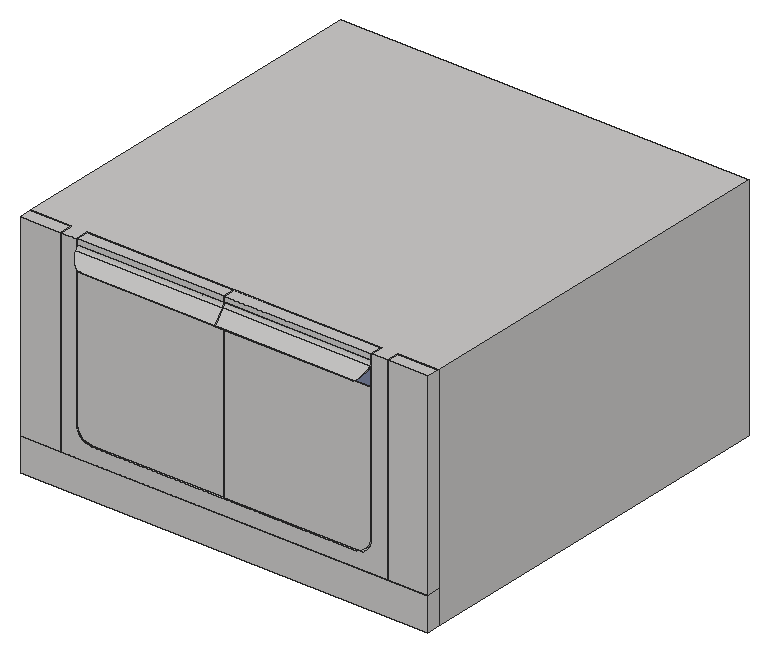
Revit family "QF_ELECTROLUXPROFESSIONAL_588653_MB4HCAHOAO", category Attrezzature speciali, Revit 2020
Family settings
  Quota connettore circolare = Usa diametro
  Tipo di parte = Normale
  Basato su piano di lavoro = No
  Sempre verticale = Sì
  Taglio con vuoti quando caricato = No
  Condiviso = No
  Punto di calcolo locali = No
Parameters (values of type "Standard")
  Weight = 29.00 kg
  Watts = 2000 W
  Volts = 400 V
  URL Manufacturer = "https://www.electroluxprofessional.com/"
  URL = "https://www.electroluxprofessional.com/"
  Steam Supply Size = 0"
  Steam Supply Minimum Pressure = 0.00 psi
  Steam Supply Maximum Pressure = 0.00 psi
  Steam Consumption per Hour = 0
  Refrigeration Suction Line Size = 0 mm
  Refrigeration Liquid Line Size = 0 mm
  Refrigerant Compressor Remote = yes
  Prospetto di default = 0 mm
  Phase = 3
  Modello = "MB4HCAHOAO"
  Produttore = "Electrolux Professional"
  Length Actual = 800 mm  # constant formula
  Item Number = "588653"
  Hot Water Size = 0"
  Height Actual = 450 mm  # constant formula
  HP = "2.7 HP"
  Gas Size = 0"
  Gas KW = 0
  Gas Input Pressure = 0.0 Btu/h
  Direct Waste Size = 0"
  Descrizione = "EL.WARM.CAB,GN,2DOORS,1S,H2,800X850X450H"
  Depth Actual = 850 mm  # constant formula
  Cycle = 50 Hz
  Condensate Return Size = 0"
  Compressed Air Volume = 0 GPM
  Compressed Air Size = 0"
  Compressed Air Pressure = 0.00 psi
  Cold Water Size = 0"
  Accessory = yes
Reference planes
  plane 1 "BACK": y = 0
  plane 2: z = 0
  plane 3 "LEFT": x = 0
  plane 4 "RIGHT": x = 800
  plane 5 "FRONT": y = -850
  plane 6 "PLAIN": z = 900
  plane 7 "Center (Left/Right)": x = 400
  plane 8 "Center (Front/Back)": y = -425
  plane 9 "TOP": z = 650
  plane 10 "BASE": z = 200
  plane 11: x = 722
  plane 12: x = 78
  plane 13 "Feet_back": y = -150
  plane 14 "Feet_Front": y = -720
  plane 15: x = 80
  plane 16: x = 720
  plane 17: z = 265
  plane 18: y = -45
  plane 19: y = -805
  plane 20: y = -70
  plane 21: y = -830
Forms (mm)
  Extrusion 1, solid, material "QF_Finishes_Stainless Steel"
    sketch origin (0, 0, 650) x (0, 1, 0) y (0, 0, 1)
      loop
        line (-45, -450) -> (-45, 0) -> (-805, 0) -> (-805, -450) -> (-45, -450)
    from 0 to 800
  Extrusion 2, solid, material "QF_Finishes_Stainless Steel"
    sketch origin (0, 0, 650) x (0, 1, 0) y (0, 0, 1)
      loop
        line (-830, -450) -> (-805, -450) -> (-805, -385) -> (-830, -385) -> (-830, -450)
    from 0 to 800
  Extrusion 3, void
    sketch origin (0, -850, 0) x (1, 0, 0) y (0, 0, 1)
      loop
        line (80, 650) -> (80, 265) -> (720, 265) -> (720, 650) -> (80, 650)
    from 0 to -780
  Extrusion 4, solid, material "QF_Finishes_Stainless Steel"
    sketch origin (0, -850, 0) x (1, 0, 0) y (0, 0, 1)
      loop
        line (110, 650) -> (110, 627) -> (690, 627) -> (690, 650) -> (110, 650)
    from -45 to -805
  Extrusion 5, solid, material "QF_Finishes_Stainless Steel"
    sketch origin (0, -850, 0) x (1, 0, 0) y (0, 0, 1)
      loop
        line (80, 650) -> (80, 265) -> (720, 265) -> (720, 650) -> (690, 650) -> (690, 325)
        arc (690, 325) -> (681.213, 303.787) -> (660, 295) r 30
        line (660, 295) -> (140, 295)
        arc (140, 295) -> (118.787, 303.787) -> (110, 325) r 30
        line (110, 325) -> (110, 650) -> (80, 650)
    from -20 to -780
  Extrusion 6, solid, material "QF_Finishes_Stainless Steel"
    sketch origin (0, -850, 0) x (1, 0, 0) y (0, 0, 1)
      loop
        line (0, 650) -> (0, 265) -> (80, 265) -> (80, 650) -> (0, 650)
    from -20 to -45
  Extrusion 7, solid, material "QF_Finishes_Stainless Steel"
    sketch origin (0, -850, 0) x (1, 0, 0) y (0, 0, 1)
      loop
        line (720, 650) -> (720, 265) -> (800, 265) -> (800, 650) -> (720, 650)
    from -20 to -45
Cuts and joins
  Extrusion 3 cuts Extrusion 1
  joined: Extrusion 1, Extrusion 4, Extrusion 5
Lines and regions (mm)
  symbolic lines, style "SpecialityEquipmentHiddenLines"
    curve 1: line (0, 0, 0) -> (800, 0, 0)
    curve 2: line (0, -850, 0) -> (0, 0, 0)
    curve 3: line (800, -850, 0) -> (0, -850, 0)
    curve 4: line (800, 0, 0) -> (800, -850, 0)
Dimensions and locks
  plane 3 "LEFT" to plane 4 "RIGHT" = 800 mm
  plane 5 "FRONT" to plane 1 "BACK" = 850 mm
  equal spacing: plane 3 "LEFT", plane 7 "Center (Left/Right)", plane 4 "RIGHT"
  equal spacing: plane 5 "FRONT", plane 8 "Center (Front/Back)", plane 1 "BACK"
  plane 6 "PLAIN" to plane 9 "TOP" = 250 mm
  plane 10 "BASE" to level = 200 mm
  plane 9 "TOP" to plane 10 "BASE" = 450 mm
  locked: plane 1 "BACK" to plane 13 "Feet_back" at 150
  locked: plane 14 "Feet_Front" to plane 5 "FRONT" at 130
  locked: plane 12 to plane 3 "LEFT" at 78
  locked: plane 11 to plane 4 "RIGHT" at 78
  plane 16 to plane 15 = 640 mm
  equal spacing: plane 16, plane 7 "Center (Left/Right)", plane 15
  locked: plane 17 to plane 10 "BASE" at 65
  locked: plane 1 "BACK" to plane 18 at 45
  plane 9 "TOP" to Extrusion 4 sketch curve = 23 mm
  locked: Extrusion 4 sketch curve to plane 15 at 30
  locked: plane 16 to Extrusion 4 sketch curve at 30
  locked: Extrusion 5 sketch curve to plane 17 at 30
  plane 6 "PLAIN" to level = 900 mm
  Extrusion 5 to Extrusion 5 = 580 mm
  locked: plane 18 to plane 20 at 25
  locked: plane 21 to plane 5 "FRONT" at 20
  locked: plane 19 to plane 21 at 25
  plane 18 to plane 21 = 785 mm
  aligned and locked: level to plane 2
  aligned and locked: Extrusion 1 to plane 4 "RIGHT"
  aligned and locked: Extrusion 1 to plane 3 "LEFT"
  aligned and locked: Extrusion 2 to plane 4 "RIGHT"
  aligned and locked: plane 9 "TOP" to Extrusion 3 sketch curve
  aligned and locked: Extrusion 3 sketch curve to plane 15
  aligned and locked: plane 16 to Extrusion 3 sketch curve
  aligned and locked: Extrusion 2 to plane 10 "BASE"
  aligned and locked: Extrusion 2 to plane 17
  aligned and locked: plane 17 to Extrusion 3 sketch curve
  aligned and locked: Extrusion 4 to plane 18
  aligned and locked: Extrusion 5 sketch curve to plane 15
  aligned and locked: plane 16 to Extrusion 5 sketch curve
  aligned and locked: plane 9 "TOP" to Extrusion 5 sketch curve  (x2)
  aligned and locked: plane 17 to Extrusion 5 sketch curve
  aligned and locked: Extrusion 5 sketch curve to Extrusion 4  (x2)
  aligned and locked: Extrusion 6 sketch curve to plane 9 "TOP"
  aligned and locked: plane 3 "LEFT" to Extrusion 6 sketch curve
  aligned and locked: Extrusion 6 sketch curve to plane 17
  aligned and locked: Extrusion 6 sketch curve to plane 15
  aligned and locked: Extrusion 7 sketch curve to plane 9 "TOP"
  aligned and locked: plane 16 to Extrusion 7 sketch curve
  aligned and locked: Extrusion 7 sketch curve to plane 17
  aligned and locked: plane 4 "RIGHT" to Extrusion 7 sketch curve
  aligned and locked: cut or joined group of Extrusion 1, Extrusion 3, Extrusion 4, Extrusion 5 to Extrusion 4
  aligned and locked: plane 7 "Center (Left/Right)" to nested 1
  aligned and locked: Extrusion 5 to plane 20
  aligned and locked: cut or joined group of Extrusion 1, Extrusion 3, Extrusion 4, Extrusion 5 to plane 20
  aligned and locked: cut or joined group of Extrusion 1, Extrusion 3, Extrusion 4, Extrusion 5 to plane 18
  aligned and locked: plane 19 to Extrusion 4
  aligned and locked: Extrusion 6 to plane 19
  aligned and locked: plane 21 to Extrusion 6
  aligned and locked: plane 21 to Extrusion 5
  aligned and locked: plane 21 to Extrusion 7
  aligned and locked: Extrusion 7 to plane 19
  aligned and locked: Extrusion 2 to plane 19
  aligned and locked: plane 21 to Extrusion 2
Automatic sketch dimensions
  Extrusion 1 sketch curve to plane 10 "BASE" = 0 mm
  Extrusion 1 sketch curve to plane 9 "TOP" = 0 mm
  plane 1 "BACK" to Extrusion 1 sketch curve = 45 mm
  Extrusion 1 sketch curve to plane 5 "FRONT" = 45 mm
  Extrusion 2 sketch curve to plane 5 "FRONT" = 20 mm
  Extrusion 2 sketch curve to plane 9 "TOP" = 385 mm
  plane 10 "BASE" to Extrusion 2 sketch curve = 0 mm
  Extrusion 2 sketch curve to plane 5 "FRONT" = 45 mm
  Extrusion 4 sketch curve to plane 9 "TOP" = 0 mm
  Extrusion 5 sketch curve to Extrusion 5 sketch curve = 30 mm  (x2)
  curve 3 to plane 3 "LEFT" = 0 mm
  curve 3 to plane 4 "RIGHT" = 0 mm
  plane 5 "FRONT" to curve 3 = 0 mm
  plane 1 "BACK" to curve 2 = 0 mm
Nested families
  nested 1: "H450H2_2DOOR" at (363.958, -805, 200) x (1, 0, 0) z (0, -1, 0), type "H450H2_2DOOR"
    with Width 580 mm, Wdoor 290 mm, Show Clearance yes
Definition of nested family "H450H2_2DOOR"
  Parameters
    Width [instance] = 580 mm
    Wdoor [instance] = Width / 2  # 290 mm
    Show Clearance [instance] = yes
    Model = "727995"
    Height = 450 mm
    Default Elevation = 0 mm
  Reference planes
    plane 1 "Center (Front/Back)": y = 0
    plane 2: z = 0
    plane 3 "Center (Left/Right)": x = 36.042
    plane 4 "panel": z = 25
    plane 5: x = -253.958
    plane 6: x = 326.042
    plane 7: y = 450
    plane 8: z = 290
    plane 9: z = 45
  Forms (mm)
    Extrusion 1, solid
      sketch origin (0, -919.2, 0) x (1, 0, 0) y (0, 1, 0)
        loop
          line (-980.5, 2119.2) -> (-980.5, -162.846) -> (881.94, -162.846) -> (881.94, 2119.2) -> (-980.5, 2119.2)
      from 0 to -59.546
    Extrusion 2, solid
      sketch origin (0, 0, 0) x (1, 0, 0) y (0, 1, 0)
        loop
          line (324.042, 393) -> (37.042, 393) -> (37.042, 97) -> (294.042, 97)
          arc (294.042, 97) -> (315.255, 105.787) -> (324.042, 127) r 30
          line (324.042, 127) -> (324.042, 393)
        loop
          arc (-251.958, 127) -> (-243.171, 105.787) -> (-221.958, 97) r 30
          line (-221.958, 97) -> (35.042, 97) -> (35.042, 393) -> (-251.958, 393) -> (-251.958, 127)
      from 0 to 25
    Extrusion 3, solid
      sketch origin (0, 0, 0) x (1, 0, 0) y (0, 1, 0)
        loop
          line (-251.958, 393) -> (35.042, 393) -> (35.042, 440) -> (-251.958, 440) -> (-251.958, 393)
        loop
          line (37.042, 440) -> (37.042, 393) -> (324.042, 393) -> (324.042, 440) -> (37.042, 440)
      from 0 to 25
    Extrusion 4, solid
      sketch origin (5.581, 79.805, 0) x (1, 0, 0) y (0, 1, 0)
        loop
          line (-257.539, 360.195) -> (29.461, 360.195) -> (29.461, 370.195) -> (-257.539, 370.195) -> (-257.539, 360.195)
        loop
          line (31.461, 370.195) -> (31.461, 360.195) -> (318.461, 360.195) -> (318.461, 370.195) -> (31.461, 370.195)
      from 0 to 25
    Extrusion 5, solid
      sketch origin (36.042, 0, 0) x (0, 1, 0) y (0, 0, 1)
        loop
          line (426.693, 25) -> (440.02, 25)
          arc (440.02, 25) -> (435.261, 25.775) -> (430.993, 28.02) r 15
          line (430.993, 28.02) -> (406.653, 46.362) -> (403.644, 42.369) -> (426.693, 25)
      from 1 to 288
    Extrusion 6, solid
      sketch origin (36.042, 0, 0) x (0, 1, 0) y (0, 0, 1)
        loop
          line (426.693, 25) -> (440.02, 25)
          arc (440.02, 25) -> (435.261, 25.775) -> (430.993, 28.02) r 15
          line (430.993, 28.02) -> (406.653, 46.362) -> (403.644, 42.369) -> (426.693, 25)
      from -288 to -1
    Extrusion 7, void
      sketch origin (0, 0, 0) x (1, 0, 0) y (0, 1, 0)
        loop
          arc (324.042, 426.693) -> (314.508, 412.772) -> (300.317, 403.644) r 42.603
          line (300.317, 403.644) -> (324.042, 403.644) -> (324.042, 426.693)
      from 0 to 47.9
    Extrusion 8, void
      sketch origin (72.084, 0, 0) x (-1, 0, 0) y (0, -1, 0)
        loop
          line (324.042, -426.693) -> (324.042, -403.644) -> (300.317, -403.644)
          arc (300.317, -403.644) -> (314.508, -412.772) -> (324.042, -426.693) r 42.603
      from 0 to 47.9
    Extrusion 9, solid, detail levels coarse
      sketch origin (0, 0, 0) x (1, 0, 0) y (0, 0, 1)
        loop
          arc (36.042, 25) -> (-41.575, 212.383) -> (-228.958, 290) r 265
          line (-228.958, 290) -> (-228.958, 25) -> (36.042, 25)
      from -450 to -97
    Extrusion 10, solid, detail levels coarse
      sketch origin (0, 0, 0) x (1, 0, 0) y (0, 0, 1)
        loop
          arc (301.042, 290) -> (113.659, 212.383) -> (36.042, 25) r 265
          line (36.042, 25) -> (301.042, 25) -> (301.042, 290)
      from -450 to -97
  Cuts and joins
    Extrusion 8 cuts Extrusion 6
    Extrusion 7 cuts Extrusion 5
  Lines and regions (mm)
    symbolic lines
      curve 1: line (326.042, 0, 45) -> (326.042, 0, 290)
      curve 2: line (301.042, 0, 45) -> (301.042, 0, 290)
      curve 3: line (326.042, 0, 290) -> (301.042, 0, 290)
      curve 4: line (-253.958, 0, 45) -> (-253.958, 0, 290)
      curve 5: line (-228.958, 0, 45) -> (-228.958, 0, 290)
      curve 6: line (-253.958, 0, 290) -> (-228.958, 0, 290)
      curve 7: arc (301.042, 0, 290) -> (120.901, 0, 219.356) -> (36.804, 0, 45.088) r 265
      curve 8: arc (35.286, 0, 44.997) -> (-48.783, 0, 219.325) -> (-228.958, 0, 290) r 265
  Dimensions and locks
    plane 4 "panel" to level = 25 mm
    "Width": plane 5 to plane 6
    equal spacing: plane 5, plane 3 "Center (Left/Right)", plane 6
    "Height": plane 1 "Center (Front/Back)" to plane 7
    locked: plane 5 to Extrusion 2 sketch curve at 2
    locked: Extrusion 2 sketch curve to plane 6 at 2
    locked: plane 1 "Center (Front/Back)" to Extrusion 2 sketch curve at 97
    locked: plane 7 to Extrusion 2 sketch curve at 57
    locked: Extrusion 2 sketch curve to plane 3 "Center (Left/Right)" at 1
    locked: plane 3 "Center (Left/Right)" to Extrusion 2 sketch curve at 1
    Extrusion 3 sketch curve to Extrusion 2 = 47 mm
    "Wdoor": plane 8 to level
    locked: curve 2 to curve 1 at 25
    locked: curve 5 to curve 4 at 25
    plane 4 "panel" to plane 9 = 20 mm
    aligned and locked: plane 2 to Extrusion 1
    aligned and locked: level to Extrusion 1
    aligned and locked: plane 4 "panel" to Extrusion 2
    aligned and locked: Extrusion 2 to Extrusion 3 sketch curve
    aligned and locked: Extrusion 3 sketch curve to Extrusion 2  (x2)
    aligned and locked: Extrusion 3 sketch curve to Extrusion 3 sketch curve
    aligned and locked: plane 4 "panel" to Extrusion 3
    aligned and locked: Extrusion 4 sketch curve to Extrusion 4 sketch curve
    aligned and locked: Extrusion 4 sketch curve to Extrusion 3  (x3)
    aligned and locked: Extrusion 3 to Extrusion 4 sketch curve
    aligned and locked: Extrusion 4 sketch curve to plane 7
    aligned and locked: Extrusion 3 to Extrusion 5
    aligned and locked: Extrusion 5 to Extrusion 3
    aligned and locked: Extrusion 6 to Extrusion 3
    aligned and locked: Extrusion 3 to Extrusion 6
    aligned and locked: Extrusion 7 sketch curve to Extrusion 5
    aligned and locked: Extrusion 8 to Extrusion 6
    aligned and locked: Extrusion 4 to Extrusion 8
    aligned and locked: Extrusion 2 to Extrusion 7
    aligned and locked: Extrusion 7 to Extrusion 5
    aligned and locked: Extrusion 4 to Extrusion 3  (x2)
    aligned and locked: Extrusion 3 to Extrusion 2
    aligned and locked: Extrusion 4 to Extrusion 2
    aligned and locked: curve 3 to plane 8
    aligned and locked: curve 1 to plane 6
    aligned and locked: curve 4 to plane 5
    aligned and locked: Extrusion 9 sketch curve to plane 4 "panel"
    aligned and locked: Extrusion 10 sketch curve to curve 7
    aligned and locked: Extrusion 10 sketch curve to curve 2
    aligned and locked: Extrusion 2 to Extrusion 9
    aligned and locked: Extrusion 2 to Extrusion 10
    aligned and locked: plane 7 to Extrusion 9
    aligned and locked: Extrusion 3 to Extrusion 4
  Automatic sketch dimensions
    Extrusion 1 sketch curve to Extrusion 1 sketch curve = 1862.44 mm
    Extrusion 1 sketch curve to Extrusion 1 sketch curve = 2282.046 mm
    Extrusion 2 sketch curve to Extrusion 2 sketch curve = 30 mm  (x2)
    Extrusion 2 sketch curve to plane 1 "Center (Front/Back)" = 97 mm
    Extrusion 2 sketch curve to Extrusion 2 sketch curve = 0 mm
    Extrusion 3 sketch curve to plane 3 "Center (Left/Right)" = 1 mm
    plane 5 to Extrusion 3 sketch curve = 2 mm
    Extrusion 3 sketch curve to Extrusion 3 sketch curve = 0 mm
    Extrusion 5 sketch curve to plane 4 "panel" = 0 mm
    plane 4 "panel" to Extrusion 5 sketch curve = 17.369 mm
    Extrusion 5 sketch curve to plane 7 = 46.356 mm
    plane 4 "panel" to Extrusion 5 sketch curve = 21.362 mm
    Extrusion 5 sketch curve to Extrusion 5 sketch curve = 3.009 mm
    plane 4 "panel" to Extrusion 5 sketch curve = 3.02 mm
    Extrusion 5 sketch curve to Extrusion 5 sketch curve = 9.027 mm
    Extrusion 6 sketch curve to plane 4 "panel" = 0 mm
    plane 4 "panel" to Extrusion 6 sketch curve = 17.369 mm
    Extrusion 6 sketch curve to plane 7 = 46.356 mm
    plane 4 "panel" to Extrusion 6 sketch curve = 21.362 mm
    Extrusion 6 sketch curve to Extrusion 6 sketch curve = 3.009 mm
    plane 4 "panel" to Extrusion 6 sketch curve = 3.02 mm
    Extrusion 6 sketch curve to Extrusion 6 sketch curve = 9.027 mm
    Extrusion 7 sketch curve to Extrusion 7 sketch curve = 23.725 mm
    Extrusion 7 sketch curve to plane 7 = 6.671 mm
    Extrusion 7 sketch curve to plane 6 = 41.221 mm
    Extrusion 7 sketch curve to plane 7 = 23.307 mm
    plane 7 to Extrusion 8 sketch curve = 6.671 mm
    Extrusion 8 sketch curve to plane 5 = 41.221 mm
    Extrusion 8 sketch curve to plane 5 = 25.725 mm
    Extrusion 8 sketch curve to plane 5 = 2 mm
    plane 7 to Extrusion 8 sketch curve = 23.307 mm
    Extrusion 4 sketch curve to Extrusion 4 sketch curve = 10 mm
    Extrusion 4 sketch curve to plane 7 = 10 mm
    curve 2 to plane 9 = 0 mm
    curve 5 to plane 9 = 0 mm
    curve 4 to plane 9 = 0 mm
    curve 1 to plane 9 = 0 mm
    curve 8 to plane 4 "panel" = 0 mm
    curve 5 to plane 8 = 0 mm
    curve 8 to plane 9 = 0.003 mm
    curve 7 to plane 4 "panel" = 0 mm
    plane 9 to curve 7 = 0.088 mm
